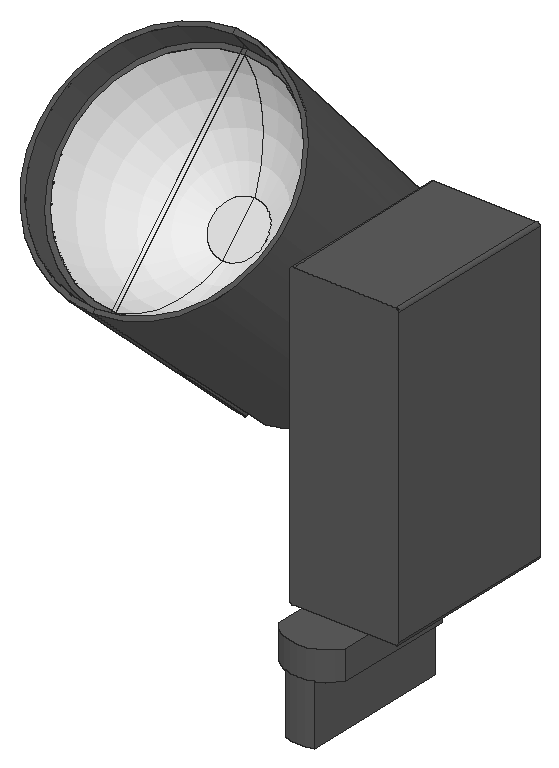
Revit family "0004842 Feilo Sylvania Lighting Fixture START TRACK SPOT L 35W 3K RA80 MB BLACK", category Lighting Fixtures, host Face, Revit 2017 (continued)
Definition of nested family "Start Track Spot Head"
  Types (96, lengths in mm): name | Wattage | built-in parameter 1150134 | Photometric Web File | Model | built-in parameter 1150105 | Lumens | built-in parameter 1150107 | built-in parameter 1150106 | HeadThickness_FEILO | HeadRibOffset_FEILO | HeadRibDepth_FEILO | HeadRibCutWidth_FEILO | HeadRibCutOffset_FEILO | HeadReflectorRadius_FEILO | HeadReflectorOffset_FEILO | HeadLEDRadius_FEILO | HeadHeight_FEILO | HeadDiffusorOffset_FEILO | HeadDiaOut_FEILO | HeadDiaIn_FEILO | HeadAxisFromTop_FEILO | Emit from Circle Diameter | built-in parameter 1150104 | Description | Apparent Load
    0004812 START TRACK SPOT S 14W 3K RA80 MB WHITE | 14 W | (empty or 0) | "0004812.ies" | "START TRACK SPOT S 14W 3K RA80 MB WHITE" | 120.32 (stored number, unit not read) | 1512 lm | 3000 (stored number, unit not read) | 1.2032 (stored number, unit not read) | 1.5 | 4.179 | 55.714 | 7.167 | 50.87 | 50.588 | 55.714 | 9.556 | 117 | 9.435 | 86 | 77.477 | 69.354 | 77.477 | 10.034 (stored number, unit not read) | "Integrated LED spotlight, Textured White - RAL9016, compact and minimalist design, ideal for retail applications, die-cast aluminium body, passive cooling heatsink. Beam angle: 36°, color temperature: 3000K , total system power: 14W, total fixture output: 1508 lm, LOR: 100%, colour rendering: Ra: 80 typical, LED Chromaticity: 3 step MacAdam ellipse, lifetime: >50000 hours at L70B50, energy class: A++, A+, A, IR/UV free light source without heat radiation, operating voltage: 220-240V / 50-60Hz, drive current: 350mA, electronic driver, non-dimmable, power factor: 0.92, electrical protection: Class II, Global Track 3 Phase adapter suitable for Global trac 3-circuit tracks, ingress protection rating: IP20, suitable for internal environment only, horizontal rotation: 355°, vertical tilt: 90°, dimensions: Ø86x140x200, weight: 0.940kg." | 14 VA
    0004811 START TRACK SPOT S 14W 3K RA80 NB WHITE | 14 W | (empty or 0) | "0004811.ies" | "START TRACK SPOT S 14W 3K RA80 NB WHITE" | 123.66 (stored number, unit not read) | 1554 lm | 3000 (stored number, unit not read) | 1.2366 (stored number, unit not read) | 1.5 | 4.179 | 55.714 | 7.167 | 50.87 | 50.588 | 55.714 | 9.556 | 117 | 9.435 | 86 | 77.477 | 69.354 | 77.477 | 10.312 (stored number, unit not read) | "Integrated LED spotlight, Textured White - RAL9016, compact and minimalist design, ideal for retail applications, die-cast aluminium body, passive cooling heatsink. Beam angle: 12°, color temperature: 3000K , total system power: 14W, total fixture output: 1551 lm, LOR: 100%, colour rendering: Ra: 80 typical, LED Chromaticity: 3 step MacAdam ellipse, lifetime: >50000 hours at L70B50, energy class: A++, A+, A, IR/UV free light source without heat radiation, operating voltage: 220-240V / 50-60Hz, drive current: 350mA, electronic driver, non-dimmable, power factor: 0.92, electrical protection: Class II, Global Track 3 Phase adapter suitable for Global trac 3-circuit tracks, ingress protection rating: IP20, suitable for internal environment only, horizontal rotation: 355°, vertical tilt: 90°, dimensions: Ø86x140x200, weight: 0.940kg." | 14 VA
  Reference planes
    plane 1 "Center (Front/Back)": y = 0
    plane 2: z = 0
    plane 3 "Center (Left/Right)": x = 0
    plane 4: x = 43
    plane 5: x = -43
    plane 6: x = -38.739
    plane 7: x = 38.739
    plane 8: z = 69.354
    plane 9: z = -47.646
    plane 10: x = -41.5
    plane 11: x = -37.239
    plane 12: z = -38.211
    plane 13: z = -35.211
    plane 14: z = 8.068
    plane 15: x = -9.556
    plane 16: x = -28.667
    plane 17: x = -19.111
    plane 18: x = -27.167
    plane 19: x = -17.611
    plane 20: x = -8.056
    plane 21: z = 13.64
    plane 22: x = -29.667
    plane 23: x = -26.167
    plane 24: x = -20.111
    plane 25: x = -16.611
    plane 26: x = -10.556
    plane 27: x = -7.056
    plane 28: x = -36.239
    plane 29: x = -40.5
    plane 30: z = 65.175
    plane 31: z = 60.997
    plane 32: z = 56.818
    plane 33: z = 18.484
    plane 34: y = -43
    plane 35: y = 43
    plane 36: y = 3.583
    plane 37: y = -3.583
    plane 38: y = -2.583
    plane 39: y = 2.583
    plane 40: y = 46
    plane 41: z = 13.5
    plane 42: z = -13.5
    plane 43: y = 39
    plane 44: x = 4.708
    plane 45: x = -2.458
    plane 46: x = -1.458
    plane 47: x = 1.458
  Forms (mm)
    Extrusion 1, solid
      sketch origin (4.2, 0, 0) x (1, 0, 0) y (0, 1, 0)
        loop
          line (-1219.2, 1219.2) -> (-1219.2, -1219.2) -> (1219.2, -1219.2) -> (1219.2, 1219.2) -> (-1219.2, 1219.2)
      from 0 to -68.017
    Revolve 2, solid, material <- "Material_1_FEILO", detail levels medium+fine
      sketch origin (0, 0, 0) x (1, 0, 0) y (0, 0, 1)
        loop
          line (-43, -47.646) -> (-41.5, -47.646) -> (-40.5, -35.211) -> (-38.739, -35.211)
          arc (-38.739, -35.211) -> (-30.16, -9.517) -> (-9.556, 8.068) r 50.588
          line (-9.556, 8.068) -> (0, 8.068) -> (0, 13.64) -> (-16.611, 13.64) -> (-17.611, 60.997) -> (-19.111, 60.997) -> (-20.111, 13.64) -> (-36.239, 13.64) -> (-37.239, 69.354) -> (-38.739, 69.354) -> (-43, -47.646)
        axis (0, 69.354) -> (0, -47.646)
      angle from 360 to 0
    Extrusion 3, void
      sketch origin (0, 0, 0) x (0, 1, 0) y (0, 0, 1)
        loop
          line (-3.583, 69.354) -> (-2.583, 18.484) -> (1.932, 18.484) -> (2.932, 69.354) -> (-3.583, 69.354)
      from 43 to -43
    Revolve 4, solid, material <- "Material_2_FEILO", detail levels medium+fine
      sketch origin (0, 0, 0) x (1, 0, 0) y (0, 0, 1)
        loop
          line (-41.5, -38.211) -> (0, -38.211) -> (0, -35.211) -> (-41.5, -35.211) -> (-41.5, -38.211)
        axis (0, -35.211) -> (0, -38.211)
      angle from 360 to 0
    Revolve 5, solid, material <- "Material_1_FEILO"
      sketch origin (0, 0, 0) x (0, 1, 0) y (0, 0, 1)
        loop
          line (46, 0) -> (39, 0) -> (39, -13.5) -> (46, -13.5) -> (46, 0)
        axis (39, 0) -> (46, 0)
      angle from 360 to 0
    Revolve 6, solid, material <- "Material_1_FEILO", detail levels medium+fine
      sketch origin (0, 0, 0) x (1, 0, 0) y (0, 0, 1)
        loop
          line (-29.667, 13.64) -> (-26.167, 13.64) -> (-27.167, 65.175) -> (-28.667, 65.175) -> (-29.667, 13.64)
        loop
          line (-10.556, 13.64) -> (-7.056, 13.64) -> (-7.833, 56.818) -> (-9.778, 56.818) -> (-10.556, 13.64)
        axis (0, 65.175) -> (0, 13.64)
      angle from 360 to 0
    Extrusion 7, void
      sketch origin (0, 0, 0) x (1, 0, 0) y (0, 0, 1)
        loop
          line (4.708, 69.354) -> (-2.458, 69.354) -> (-1.458, 13.64) -> (1.458, 13.64) -> (4.708, 69.354)
      from -43 to 43
    Revolve 8, solid, material <- "Material_1_FEILO", detail levels coarse
      sketch origin (0, 0, 0) x (1, 0, 0) y (0, 0, 1)
        loop
          line (0, 69.354) -> (-38.739, 69.354) -> (-43, -47.646) -> (-41.5, -47.646) -> (-40.731, -38.211) -> (0, -38.211) -> (0, 69.354)
        axis (0, 69.354) -> (0, -47.646)
      angle from 360 to 0
  Cuts and joins
    Extrusion 3 cuts Revolve 2
    Extrusion 7 cuts Revolve 6
  Dimensions and locks
    equal spacing: plane 7, plane 3 "Center (Left/Right)", plane 6
    equal spacing: plane 4, plane 3 "Center (Left/Right)", plane 5
    "HeadDiaOut_FEILO": plane 4 to plane 5
    "HeadDiaIn_FEILO": plane 7 to plane 6
    "HeadHeight_FEILO": plane 8 to plane 9
    "HeadThickness_FEILO": plane 10 to plane 5
    "HeadThickness_FEILO": plane 11 to plane 6
    "HeadDiffusorOffset_FEILO": plane 12 to plane 9
    "HeadDiffusorThickness_FEILO": plane 13 to plane 12
    "HeadReflectorOffset_FEILO": plane 14 to plane 9
    "HeadLEDRadius_FEILO": plane 3 "Center (Left/Right)" to plane 15
    "HeadLEDRadius_FEILO": plane 15 to plane 17
    "HeadLEDRadius_FEILO": plane 17 to plane 16
    "HeadThickness_FEILO": plane 18 to plane 16
    "HeadThickness_FEILO": plane 19 to plane 17
    "HeadThickness_FEILO": plane 20 to plane 15
    "HeadRibDepth_FEILO": plane 8 to plane 21
    "HeadDraft_FEILO": plane 16 to plane 22
    "HeadDraft_FEILO": plane 23 to plane 18
    "HeadDraft_FEILO": plane 17 to plane 24
    "HeadDraft_FEILO": plane 25 to plane 19
    "HeadDraft_FEILO": plane 15 to plane 26
    "HeadDraft_FEILO": plane 27 to plane 20
    "HeadDraft_FEILO": plane 29 to plane 10
    "HeadDraft_FEILO": plane 28 to plane 11
    "HeadRibOffset_FEILO": plane 8 to plane 30
    "HeadRibOffset_FEILO": plane 30 to plane 31
    "HeadRibOffset_FEILO": plane 31 to plane 32
    "HeadAxisFromTop_FEILO": plane 8 to plane 2
    "HeadRibCutOffset_FEILO": plane 8 to plane 33
    equal spacing: plane 34, plane 1 "Center (Front/Back)", plane 35
    "HeadDiaOut_FEILO": plane 34 to plane 35
    equal spacing: plane 38, plane 1 "Center (Front/Back)", plane 39
    equal spacing: plane 37, plane 1 "Center (Front/Back)", plane 36
    "HeadRibCutWidth_FEILO": plane 37 to plane 36
    "HeadDraft_FEILO": plane 37 to plane 38
    locked: plane 35 to plane 40 at 3
    equal spacing: plane 41, plane 2, plane 42
    locked: plane 42 to plane 41 at 27
    locked: plane 43 to plane 35 at 4
    equal spacing: plane 45, imposter light, plane 44
    "HeadDraft_FEILO": plane 46 to plane 45
    "HeadRibCutWidth_FEILO": plane 44 to plane 45
    equal spacing: plane 47, plane 3 "Center (Left/Right)", plane 46
    "HeadReflectorRadius_FEILO": radius of Revolve 2 sketch curve
    aligned and locked: plane 2 to Extrusion 1
    aligned and locked: level to Extrusion 1
    aligned and locked: Revolve 2 sketch curve to plane 3 "Center (Left/Right)"  (x2)
    aligned and locked: plane 9 to Revolve 2 sketch curve  (x2)
    aligned and locked: plane 5 to Revolve 2 sketch curve
    aligned and locked: plane 10 to Revolve 2 sketch curve
    aligned and locked: plane 14 to Revolve 2 sketch curve
    aligned and locked: plane 8 to Revolve 2 sketch curve
    aligned and locked: Revolve 2 sketch curve to plane 13
    aligned and locked: plane 12 to Revolve 4 sketch curve
    aligned and locked: plane 3 "Center (Left/Right)" to Revolve 4 sketch curve
    aligned and locked: Revolve 4 sketch curve to plane 10
    aligned and locked: Revolve 4 sketch curve to plane 3 "Center (Left/Right)"
    aligned and locked: plane 12 to imposter light
    aligned and locked: imposter light to plane 1 "Center (Front/Back)"
    aligned and locked: Revolve 5 sketch curve to plane 2
    aligned and locked: plane 43 to Revolve 5 sketch curve
    aligned and locked: plane 42 to Revolve 5 sketch curve
    aligned and locked: Revolve 6 sketch curve to plane 3 "Center (Left/Right)"
    aligned and locked: plane 22 to Revolve 6 sketch curve
    aligned and locked: plane 30 to Revolve 6 sketch curve
    aligned and locked: plane 23 to Revolve 6 sketch curve
    aligned and locked: Revolve 6 sketch curve to plane 21  (x2)
    aligned and locked: plane 21 to Revolve 6 sketch curve
    aligned and locked: plane 17 to Revolve 2 sketch curve
    aligned and locked: plane 19 to Revolve 2 sketch curve
    aligned and locked: plane 31 to Revolve 2 sketch curve
    aligned and locked: plane 21 to Revolve 2 sketch curve
    aligned and locked: Extrusion 3 to plane 8
    aligned and locked: plane 33 to Extrusion 3
    aligned and locked: plane 8 to Extrusion 3 sketch curve
    aligned and locked: Extrusion 3 sketch curve to plane 33
    aligned and locked: Extrusion 3 to plane 5
    aligned and locked: plane 4 to Extrusion 3
    aligned and locked: plane 32 to Revolve 6 sketch curve
    aligned and locked: plane 44 to Extrusion 7 sketch curve
    aligned and locked: Extrusion 7 sketch curve to plane 8
    aligned and locked: plane 46 to Extrusion 7 sketch curve
    aligned and locked: plane 21 to Extrusion 7 sketch curve
    aligned and locked: plane 34 to Extrusion 7
    aligned and locked: Extrusion 7 to plane 35
    aligned and locked: Revolve 4 sketch curve to plane 13
    aligned and locked: Revolve 5 sketch curve to plane 40
    aligned and locked: Revolve 8 sketch curve to plane 3 "Center (Left/Right)"
    aligned and locked: Revolve 8 sketch curve to cut or joined group of Revolve 2, Extrusion 3  (x3)
    aligned and locked: plane 5 to Revolve 8 sketch curve
    aligned and locked: plane 3 "Center (Left/Right)" to Revolve 8 sketch curve
    aligned and locked: plane 12 to Revolve 8 sketch curve
  Automatic sketch dimensions
    Extrusion 1 sketch curve to Extrusion 1 sketch curve = 2438.4 mm  (x2)
    Extrusion 3 sketch curve to plane 37 = 0 mm
    Extrusion 3 sketch curve to plane 38 = 0 mm
    plane 39 to Extrusion 3 sketch curve = 0.651 mm
    Extrusion 3 sketch curve to plane 39 = 0.349 mm
    Revolve 6 sketch curve to plane 16 = 0 mm
    Revolve 6 sketch curve to plane 18 = 0 mm
    Revolve 6 sketch curve to plane 26 = 0 mm
    Revolve 6 sketch curve to plane 27 = 0 mm
    Revolve 6 sketch curve to plane 15 = 0.222 mm
    plane 9 to Revolve 6 sketch curve = 559.103 mm
    Revolve 6 sketch curve to plane 8 = 2535.555 mm
    plane 20 to Revolve 6 sketch curve = 0.222 mm
    Revolve 2 sketch curve to plane 29 = 0 mm
    Revolve 2 sketch curve to plane 6 = 0 mm  (x2)
    Revolve 2 sketch curve to plane 11 = 0 mm
    Revolve 2 sketch curve to plane 21 = 0 mm
    Revolve 2 sketch curve to plane 28 = 0 mm
    Revolve 2 sketch curve to plane 24 = 0 mm
    Revolve 2 sketch curve to plane 25 = 0 mm
    Revolve 2 sketch curve to plane 15 = 0 mm
    Revolve 2 sketch curve to Revolve 2 sketch curve = 557.155 mm
    Revolve 2 sketch curve to plane 8 = 2535.558 mm
    Extrusion 7 sketch curve to plane 45 = 0 mm
    Extrusion 7 sketch curve to plane 47 = 0 mm
    plane 9 to Revolve 4 sketch curve = 559.103 mm
    Revolve 4 sketch curve to plane 8 = 2535.555 mm
    Revolve 5 sketch curve to level = 0 mm
    plane 34 to Revolve 5 sketch curve = 1968.092 mm
    Revolve 5 sketch curve to plane 40 = 1405.763 mm
    Revolve 8 sketch curve to plane 6 = 0 mm
    Revolve 8 sketch curve to plane 29 = 0.231 mm
    plane 9 to Revolve 8 sketch curve = 559.103 mm
    Revolve 8 sketch curve to Revolve 8 sketch curve = 2535.555 mm
Definition of nested family "Start Track Spot Box"
  Parameters (values of type "Type Large White")
    URL = "http://www.feilosylvania.com"
    Type Image = (empty or 0)
    Type Comments = "n/a"
    Small_FEILO = no
    Material_3_FEILO = none
    Model = ""
    Manufacturer = "Feilo Sylvania"
    Keynote = ""
    Material_2_FEILO = none
    Description = ""
    Default Elevation = 1219.2 mm
    Cost = 0
    Material_1_FEILO = none
    BoxWidth_FEILO = 49 mm
    BoxStartAngle_FEILO [instance] = 0.00°
    BoxRadius_FEILO = 1.5 mm
    BoxHeight_FEILO = if(Small_FEILO, 112 mm, 136 mm)  # 136 mm
    BoxEndAngle_FEILO [instance] = BoxStartAngle_FEILO - 180.00°  # -180.00°
    BoxDepth_FEILO = if(Small_FEILO, 71.5 mm, 79 mm)  # 79 mm
    BoxAxisVerticalOffset_FEILO = 16 mm
    BoxAxisOffset_FEILO = BoxHeight_FEILO / 6.8  # 20 mm
    Assembly Code = ""
    Material_4_FEILO = none
  Types (4, lengths in mm): name | Small_FEILO | BoxHeight_FEILO | BoxDepth_FEILO | BoxAxisOffset_FEILO
    Type Large White | no | 136 | 79 | 20
    Type Small White | yes | 112 | 71.5 | 16.471
    Type Small Black | yes | 112 | 71.5 | 16.471
    Type Large Black | no | 136 | 79 | 20
  Reference planes
    plane 1 "Center (Front/Back)": y = 0
    plane 2: z = 0
    plane 3 "Center (Left/Right)": x = 0
    plane 4: x = 24.5
    plane 5: x = -24.5
    plane 6: y = 68
    plane 7: y = -68
    plane 8: z = 39.5
    plane 9: z = -39.5
    plane 10: y = -48
    plane 11: x = 30.5
    plane 12: x = 8.5
    plane 13: x = 21.5
    plane 14: y = 70
    plane 15: y = 72
    plane 16: x = 19.5
  Forms (mm)
    Extrusion 1, solid
      sketch origin (4.2, 0, 0) x (1, 0, 0) y (0, 1, 0)
        loop
          line (-1219.2, 1219.2) -> (-1219.2, -1219.2) -> (1219.2, -1219.2) -> (1219.2, 1219.2) -> (-1219.2, 1219.2)
      from 0 to -68.017
    Extrusion 2, solid, material <- "Material_1_FEILO"
      sketch origin (0, 0, 0) x (1, 0, 0) y (0, 1, 0)
        loop
          arc (-23, 68) -> (-24.061, 67.561) -> (-24.5, 66.5) r 1.5
          line (-24.5, 66.5) -> (-24.5, -66.5)
          arc (-24.5, -66.5) -> (-24.061, -67.561) -> (-23, -68) r 1.5
          line (-23, -68) -> (23, -68)
          arc (23, -68) -> (24.061, -67.561) -> (24.5, -66.5) r 1.5
          line (24.5, -66.5) -> (24.5, 66.5)
          arc (24.5, 66.5) -> (24.061, 67.561) -> (23, 68) r 1.5
          line (23, 68) -> (-23, 68)
      from -39.5 to 39.5
    Revolve 3, solid, not visible
      sketch origin (0, 0, 0) x (1, 0, 0) y (0, 1, 0)
        loop
          line (30.5, -48) -> (24.5, -48) -> (24.5, -68) -> (30.5, -68) -> (30.5, -48)
        axis (30.5, -48) -> (24.5, -48)
      angle from 0 <- "BoxStartAngle_FEILO" to -180 <- "BoxEndAngle_FEILO"
    Revolve 4, solid, material <- "Material_2_FEILO"
      sketch origin (0, 0, 0) x (1, 0, 0) y (0, 1, 0)
        loop
          line (8.5, 68) -> (19.5, 68) -> (19.5, 70) -> (21.5, 70) -> (21.5, 72) -> (8.5, 72) -> (8.5, 68)
        axis (8.5, 72) -> (8.5, 68)
      angle from 360 to 0
  Dimensions and locks
    equal spacing: plane 5, plane 3 "Center (Left/Right)", plane 4
    "BoxWidth_FEILO": plane 5 to plane 4
    equal spacing: plane 7, plane 1 "Center (Front/Back)", plane 6
    "BoxHeight_FEILO": plane 7 to plane 6
    equal spacing: plane 8, plane 2, plane 9
    "BoxDepth_FEILO": plane 8 to plane 9
    "BoxAxisOffset_FEILO": plane 7 to plane 10
    locked: plane 4 to plane 11 at 6
    "BoxAxisVerticalOffset_FEILO": plane 12 to plane 4
    locked: plane 12 to plane 13 at 13
    plane 6 to plane 14 to plane 15 = 2 mm locked, 2 mm locked
    locked: plane 12 to plane 16 at 11
    "BoxRadius_FEILO": radius of Extrusion 2 sketch curve  (x4)
    aligned and locked: plane 2 to Extrusion 1
    aligned and locked: level to Extrusion 1
    aligned and locked: plane 6 to Extrusion 2 sketch curve
    aligned and locked: plane 5 to Extrusion 2 sketch curve
    aligned and locked: Extrusion 2 sketch curve to plane 7
    aligned and locked: Extrusion 2 sketch curve to plane 4
    aligned and locked: Extrusion 2 to plane 8
    aligned and locked: plane 9 to Extrusion 2
    aligned and locked: Revolve 3 sketch curve to plane 10  (x2)
    aligned and locked: plane 11 to Revolve 3 sketch curve
    aligned and locked: Revolve 3 sketch curve to plane 4
    aligned and locked: plane 7 to Revolve 3 sketch curve
    aligned and locked: Revolve 4 sketch curve to plane 12
    aligned and locked: plane 6 to Revolve 4 sketch curve
    aligned and locked: plane 12 to Revolve 4 sketch curve
    aligned and locked: plane 15 to Revolve 4 sketch curve
    aligned and locked: Revolve 4 sketch curve to plane 13
    aligned and locked: Revolve 4 sketch curve to plane 14
    aligned and locked: Revolve 4 sketch curve to plane 16
    aligned and locked: Revolve 4 sketch curve to plane 6
  Automatic sketch dimensions
    Extrusion 1 sketch curve to Extrusion 1 sketch curve = 2438.4 mm  (x2)
    Revolve 3 sketch curve to plane 5 = 1499.5 mm
    plane 11 to Revolve 3 sketch curve = 1493.5 mm
    plane 15 to Revolve 4 sketch curve = 0 mm
    plane 7 to Revolve 4 sketch curve = 1456 mm
    Revolve 4 sketch curve to plane 15 = 1452 mm
